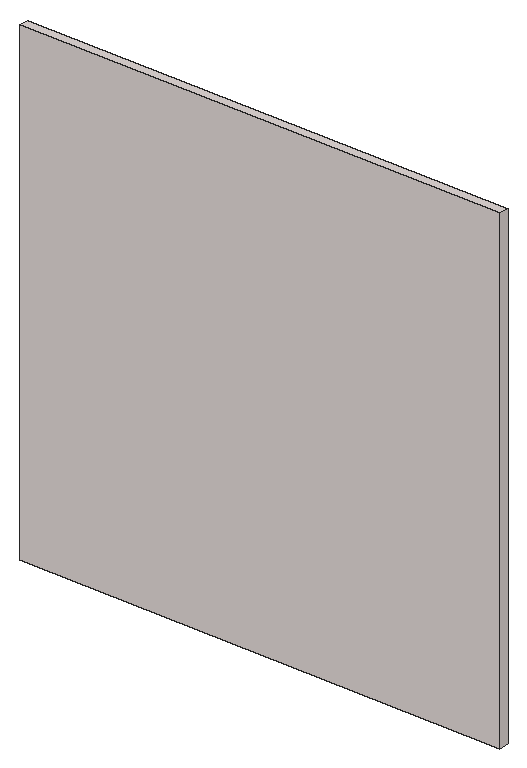
Revit family "PISO PARED HEXAGONO MARDEN ROSA CU_266121251", category Modelos genéricos, Revit 2024
Family settings
  Puede alojar armadura = No
  Cota de conector redondo = Usar diámetro
  Tipo de pieza = Normal
  Se basa en plano de trabajo = No
  Siempre vertical = Sí
  Corte con vacíos al cargar = No
  Mantener orientación de anotación = No
  Compartido = No
  Punto de cálculo de habitación = No
Parameters
  Elevación por defecto = 0 mm
Reference planes
  plane 1 "Center (Front/Back)": y = 0
  plane 2: z = 0
  plane 3 "Center (Left/Right)": x = 0
Forms (mm)
  Extrusion 1, solid, material "Analytical Panels"
    sketch origin (0, 0, 0) x (1, 0, 0) y (0, 1, 0)
      loop
        line (-1366.384, -136.448) -> (-1366.384, -194.576) -> (1633.616, -194.576) -> (1633.616, -136.448) -> (-1366.384, -136.448)
    from 0 to 3000
Dimensions and locks
  Extrusion 1 sketch curve to Extrusion 1 sketch curve = 58.128 mm
  Extrusion 1 to Extrusion 1 = 3000 mm  (x2)
  aligned and locked: level to plane 2
